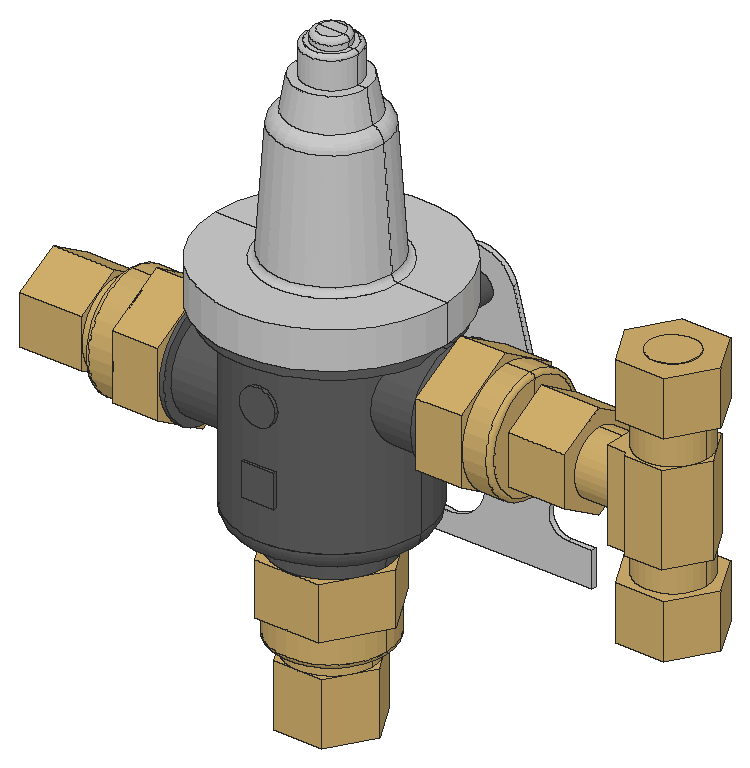
Revit family "Mixing_Valve-Sink_Faucet-Bradley_Corp-Navigator_TMV-S59-4000BY", category Pipe Accessories, Revit 2012
Parameters (values of type "Navigator")
  Warranty Information = "n/a"
  Version = "2.0"
  Valve Body Material = Plastic - Bradley Corp - Black
  URL = "http://www.bradleycorp.com/"
  Tempered Water Flow [instance] = 0.000 GPM
  Temperature Range = "95°F (35°C) to 125°F (52°C)"
  Temperature Differential - Hot to Mix = "10°F (18°C)"
  Technical Data = "n/a"
  Specifications URL = "http://www.bradleycorp.com/3partspec"
  Product Tech Data URL - Spanish = ""
  Product Tech Data URL - French = ""
  Product Tech Data URL - English = "http://bradleycorp.com/download/1902/5858.pdf"
  Pressure Drop [instance] = 45.00 psi
  OmniClass Title = "Mixing Valves for Liquid Services"
  OmniClass Code = "23.65.55.14.24"
  Fittings Material = Brass - Bradley Corp - Lead-Free Brass
  Cap Material = Plastic - Bradley Corp - Gray
  NPT Radius = NPT / 2  # 3/16"
  NPT = 3/8"
  Mounting Bracket [instance] = yes
  Modeling Code = "n/a"
  Model = "S59-4000BY"
  Minimum Flow = 0.500 GPM
  Maximum Operating Pressure = 125.00 psi
  Maximum Inlet Temperature = "180°F (82°C)"
  Material Note = "n/a"
  Material = "Lead-free Brass"
  MasterFormat Title = "Plumbing Fixtures"
  MasterFormat Number = "22 40 00"
  Manufacturer = "Bradley Corporation"
  Industry Standards = "ASSE 1070, cUPC. Certified by IAPMO to meet the lead-free requirements of CA AB 1953."
  Flow Capacity [instance] = 5.500 GPM
  Fire Rating = "n/a"
  Domestic Hot In [instance] = Tempered Water Flow / 2  # 0.000 GPM
  Domestic Cold In [instance] = Tempered Water Flow / 2  # 0.000 GPM
  Description = "Point of Use Thermostatic Mixing Valve"
  Copyright = "This Model Data is Property of Bradley Corporation"
  Connector Placement Base [instance] = 2.575"
  Connector Placement [instance] = 1.263"
  Complies to NAFTA = "n/a"
  Buy American Act = "To Be Determined"
  Assembly Code = "D2090800"
  ADA Compliant = "No"
Reference planes (in)
  plane 1 "Center (Front/Back)": y = 0
  plane 2: z = 0
  plane 3 "Center (Left/Right)": x = 0
  plane 4: x = -1.5
  plane 5: x = 1.5
  plane 6: z = -1.75
  plane 7 "HW Inlet": z = -0.375
  plane 8: z = 2.375
  plane 9: x = -0.9375
  plane 10: x = 0.9375
  plane 11: x = -2.25
  plane 12: x = 2.25
  plane 13: z = -2.625
  plane 14: y = 1
  plane 15: y = 1.5
  plane 16: x = 3.1242
  plane 17: x = 2.7642
  plane 18: z = -1.025
  plane 19: x = 2.7642
  plane 20: z = 0.592
Forms (in)
  Sweep 1, solid, material "Plastic - Bradley Corp - Black" <- "Valve Body Material", detail levels fine
    path origin (0, 0, 0) x (1, 0, 0) y (0, 0, 1)
      loop
        line (0.20522, 0) -> (1, 0)
    profile origin (0.60261, 0, 0) x (0, 0, 1) y (0, -1, 0)
      loop
        circle (0, 0) r 0.38
  Sweep 2, solid, material "Plastic - Bradley Corp - Black" <- "Valve Body Material", detail levels fine
    path origin (0, 0, 0) x (1, 0, 0) y (0, 0, 1)
      loop
        line (-1, -0.375) -> (-0.2, -0.375)
    profile origin (-0.6, 0, -0.375) x (0, 0, 1) y (0, -1, 0)
      loop
        circle (0, 0) r 0.38
  Revolve 3, solid, material "Metal - Bradley Corp - Stainless Steel", detail levels fine
    sketch origin (0, 0, 0) x (1, 0, 0) y (0, 0, 1)
      loop
        line (0, 0.42) -> (0, 2.375) -> (-0.1012, 2.375)
        arc (-0.1012, 2.375) -> (-0.13, 2.36307) -> (-0.14193, 2.33427) r 0.04073
        line (-0.14193, 2.33427) -> (-0.14193, 2.29505) -> (-0.18291, 2.29505)
        arc (-0.18291, 2.29505) -> (-0.20535, 2.28575) -> (-0.21464, 2.26331) r 0.03174
        line (-0.21464, 2.26331) -> (-0.21464, 2.04637) -> (-0.2863, 2.04637) -> (-0.33489, 1.79637)
        arc (-0.33489, 1.79637) -> (-0.39422, 1.7571) -> (-0.4203, 1.6909) r 0.11828
        line (-0.4203, 1.6909) -> (-0.48445, 0.77167)
        arc (-0.48445, 0.77167) -> (-0.4996, 0.73511) -> (-0.53616, 0.71996) r 0.05171
        line (-0.53616, 0.71996) -> (-0.9375, 0.71996) -> (-0.9375, 0.42) -> (0, 0.42)
      axis (0, 2.375) -> (0, 0.42)
    angle from 0 to 360
  Sweep 4, solid, material "Plastic - Bradley Corp - Black" <- "Valve Body Material", detail levels fine
    path origin (0, 0, 0) x (1, 0, 0) y (0, 0, 1)
      loop
        line (0, -1.25) -> (0, -0.5)
    profile origin (0, 0, -0.875) x (-1, 0, 0) y (0, -1, 0)
      loop
        circle (0, 0) r 0.38
  Revolve 5, solid, material "Plastic - Bradley Corp - Black" <- "Valve Body Material", detail levels fine
    sketch origin (0, 0, 0) x (1, 0, 0) y (0, 0, 1)
      loop
        line (0, 0.42) -> (-0.88965, 0.42) -> (-0.88965, 0.33) -> (-0.72242, 0.33) -> (-0.72242, -1.02953)
        arc (-0.72242, -1.02953) -> (-0.67841, -1.13579) -> (-0.57215, -1.1798) r 0.15028
        line (-0.57215, -1.1798) -> (0, -1.1798) -> (0, 0.42)
      axis (0, -1.1798) -> (0, 0.42)
    angle from 0 to 360
  SweptBlend 6, solid, material "Plastic - Bradley Corp - Black" <- "Valve Body Material", detail levels fine
    path origin (0, 0, 0) x (1, 0, 0) y (0, 0, 1)
      loop
        line (-1.5, -0.375) -> (-1, -0.375)
    profile origin (-1.5, 0, -0.375) x (0, 0, 1) y (0, -1, 0)
      loop
        circle (0, 0) r 0.42
    end profile origin (-1, 0, -0.375) x (0, 0, 1) y (0, -1, 0)
      loop
        circle (0, 0) r 0.45
  SweptBlend 7, solid, material "Plastic - Bradley Corp - Black" <- "Valve Body Material", detail levels fine
    path origin (0, 0, 0) x (1, 0, 0) y (0, 0, 1)
      loop
        line (1.5, 0) -> (1, 0)
    profile origin (1.5, 0, 0) x (0, 0, -1) y (0, -1, 0)
      loop
        circle (0, 0) r 0.42
    end profile origin (1, 0, 0) x (0, 0, -1) y (0, -1, 0)
      loop
        circle (0, 0) r 0.45
  SweptBlend 8, solid, material "Plastic - Bradley Corp - Black" <- "Valve Body Material", detail levels fine
    path origin (0, 0, 0) x (1, 0, 0) y (0, 0, 1)
      loop
        line (0, -1.75) -> (0, -1.25)
    profile origin (0, 0, -1.75) x (-1, 0, 0) y (0, -1, 0)
      loop
        circle (0, 0) r 0.42
    end profile origin (0, 0, -1.25) x (-1, 0, 0) y (0, -1, 0)
      loop
        circle (0, 0) r 0.45
  Extrusion 9, solid, material "Plastic - Bradley Corp - Gray" <- "Cap Material", detail levels fine
    sketch origin (-1.5, -180, 102.71882) x (0, 0, 1) y (0, -1, 0)
      loop
        line (-103.35363, -179.55) -> (-103.61344, -180) -> (-103.35363, -180.45) -> (-102.83402, -180.45) -> (-102.57421, -180) -> (-102.83402, -179.55) -> (-103.35363, -179.55)
    from 0.08808 to 0.45689
  Extrusion 10, solid, material "Plastic - Bradley Corp - Gray" <- "Cap Material", detail levels fine
    sketch origin (-2.25, -180, 3.67575) x (0, 0, 1) y (0, -1, 0)
      loop
        line (-4.2456, -179.6625) -> (-4.44046, -180) -> (-4.2456, -180.3375) -> (-3.85589, -180.3375) -> (-3.66103, -180) -> (-3.85589, -179.6625) -> (-4.2456, -179.6625)
    from 0 to 0.4964
  Extrusion 11, solid, material "Plastic - Bradley Corp - Gray" <- "Cap Material", detail levels fine
    sketch origin (-1.7536, -180, 3.67575) x (0, 0, 1) y (0, -1, 0)
      loop
        circle (-4.05075, -180) r 0.3375
    from 0 to 0.05915
  Extrusion 12, solid, material "Plastic - Bradley Corp - Gray" <- "Cap Material", detail levels fine
    sketch origin (-1.69445, -180, 3.67575) x (0, 0, 1) y (0, -1, 0)
      loop
        circle (-4.05075, -180) r 0.3
    from 0 to 0.05027
  Extrusion 13, solid, material "Plastic - Bradley Corp - Gray" <- "Cap Material", detail levels fine
    sketch origin (-1.64418, -180, 3.67575) x (0, 0, 1) y (0, -1, 0)
      loop
        circle (-4.05075, -180) r 0.45
    from 0.03622 to 0.23226
  Revolve 14, solid, material "Plastic - Bradley Corp - Gray" <- "Cap Material", detail levels fine
    sketch origin (0, 0, 0) x (1, 0, 0) y (0, 0, 1)
      loop
        line (-1.60796, -0.375) -> (-1.60796, 0.075)
        arc (-1.60796, 0.075) -> (-1.63357, 0.06439) -> (-1.64418, 0.03878) r 0.03622
        line (-1.64418, 0.03878) -> (-1.64418, -0.375) -> (-1.60796, -0.375)
      axis (-1.64418, -0.375) -> (-1.60481, -0.375)
    angle from 0 to 360
  Extrusion 15, solid, material "Plastic - Bradley Corp - Gray" <- "Cap Material", detail levels fine
    sketch origin (1.5, -180, 103.09382) x (0, 0, 1) y (0, 1, 0)
      loop
        line (-103.35363, 179.55) -> (-102.83402, 179.55) -> (-102.57421, 180) -> (-102.83402, 180.45) -> (-103.35363, 180.45) -> (-103.61344, 180) -> (-103.35363, 179.55)
    from 0.08808 to 0.45689
  Extrusion 16, solid, material "Plastic - Bradley Corp - Gray" <- "Cap Material", detail levels fine
    sketch origin (2.25, -180, 4.05075) x (0, 0, 1) y (0, 1, 0)
      loop
        line (-4.2456, 179.6625) -> (-3.85589, 179.6625) -> (-3.66103, 180) -> (-3.85589, 180.3375) -> (-4.2456, 180.3375) -> (-4.44046, 180) -> (-4.2456, 179.6625)
    from 0.0896 to 0.54527
  Extrusion 17, solid, material "Brass - Bradley Corp - Lead-Free Brass" <- "Fittings Material", detail levels fine
    sketch origin (1.70473, -180, 4.05075) x (0, 0, 1) y (0, 1, 0)
      loop
        circle (-4.05075, 180) r 0.25
    from -0.88962 to -0.4068
  Extrusion 18, solid, material "Plastic - Bradley Corp - Gray" <- "Cap Material", detail levels fine
    sketch origin (2.11152, -180, 4.05075) x (0, 0, 1) y (0, 1, 0)
      loop
        circle (-4.05075, 180) r 0.2125
    from 0.4068 to 0.51662
  Extrusion 19, solid, material "Plastic - Bradley Corp - Gray" <- "Cap Material", detail levels fine
    sketch origin (1.59491, -180, 4.05075) x (0, 0, 1) y (0, 1, 0)
      loop
        circle (-4.05075, 180) r 0.45
    from -0.01305 to 0.18299
  Revolve 20, solid, material "Plastic - Bradley Corp - Gray" <- "Cap Material", detail levels fine
    sketch origin (0, 0, 0.375) x (-1, 0, 0) y (0, 0, -1)
      loop
        line (-1.60796, 0.375) -> (-1.64418, 0.375) -> (-1.64418, -0.03878)
        arc (-1.64418, -0.03878) -> (-1.63357, -0.06439) -> (-1.60796, -0.075) r 0.03622
        line (-1.60796, -0.075) -> (-1.60796, 0.375)
      axis (-1.64418, 0.375) -> (-1.60481, 0.375)
    angle from 0 to 360
  Extrusion 21, solid, material "Plastic - Bradley Corp - Gray" <- "Cap Material", detail levels fine
    sketch origin (-103.09382, -180, -1.875) x (-1, 0, 0) y (0, -1, 0)
      loop
        line (-103.35363, -179.55) -> (-103.61344, -180) -> (-103.35363, -180.45) -> (-102.83402, -180.45) -> (-102.57421, -180) -> (-102.83402, -179.55) -> (-103.35363, -179.55)
    from 0.08808 to 0.50958
  Extrusion 22, solid, material "Plastic - Bradley Corp - Gray" <- "Cap Material", detail levels fine
    sketch origin (-4.05075, -180, -2.625) x (-1, 0, 0) y (0, -1, 0)
      loop
        line (-4.2456, -179.6625) -> (-4.44046, -180) -> (-4.2456, -180.3375) -> (-3.85589, -180.3375) -> (-3.66103, -180) -> (-3.85589, -179.6625) -> (-4.2456, -179.6625)
    from 0 to 0.4964
  Extrusion 23, solid, material "Plastic - Bradley Corp - Gray" <- "Cap Material", detail levels fine
    sketch origin (-4.05075, -180, -2.1286) x (-1, 0, 0) y (0, -1, 0)
      loop
        circle (-4.05075, -180) r 0.3375
    from 0 to 0.05915
  Extrusion 24, solid, material "Plastic - Bradley Corp - Gray" <- "Cap Material", detail levels fine
    sketch origin (-4.05075, -180, -2.06945) x (-1, 0, 0) y (0, -1, 0)
      loop
        circle (-4.05075, -180) r 0.3
    from 0 to 0.05027
  Extrusion 25, solid, material "Plastic - Bradley Corp - Gray" <- "Cap Material", detail levels fine
    sketch origin (-4.05075, -180, -2.01918) x (-1, 0, 0) y (0, -1, 0)
      loop
        circle (-4.05075, -180) r 0.45
    from 0.03622 to 0.23226
  Revolve 26, solid, material "Plastic - Bradley Corp - Gray" <- "Cap Material", detail levels fine
    sketch origin (-0.375, 0, -0.375) x (0, 0, 1) y (-1, 0, 0)
      loop
        line (-1.60796, -0.375) -> (-1.60796, 0.075)
        arc (-1.60796, 0.075) -> (-1.63357, 0.06439) -> (-1.64418, 0.03878) r 0.03622
        line (-1.64418, 0.03878) -> (-1.64418, -0.375) -> (-1.60796, -0.375)
      axis (-1.64418, -0.375) -> (-1.60481, -0.375)
    angle from 0 to 360
  Extrusion 27, solid, material "Plastic - Bradley Corp - Gray" <- "Cap Material", detail levels fine
    sketch origin (-1.5, -180, 102.71882) x (0, 0, 1) y (0, -1, 0)
      loop
        circle (-103.09382, -180) r 0.1875
    from -0.7508 to -0.7005
  Extrusion 28, solid, material "Plastic - Bradley Corp - Gray" <- "Cap Material", detail levels fine
    sketch origin (1.5, -180, 102.71882) x (0, 0, 1) y (0, -1, 0)
      loop
        circle (-102.71882, -180) r 0.1875
    from 0.75074 to 0.7005
  Extrusion 29, solid, material "Plastic - Bradley Corp - Gray" <- "Cap Material", detail levels fine
    sketch origin (-2.67317, -180, -1.75) x (-1, 0, 0) y (0, -1, 0)
      loop
        circle (-2.67317, -180) r 0.1875
    from -0.87465 to -0.825
  Extrusion 30, solid, material "Metal - Bradley Corp - Stainless Steel", visible <- "Mounting Bracket", detail levels fine
    sketch origin (0, 1, 2.68464) x (0, 0, 1) y (1, 0, 0)
      loop
        line (-4.68464, -0.9375) -> (-3.86445, -0.9375) -> (-3.86445, 0.9375) -> (-4.10412, 0.9375) -> (-4.10412, 0.7437)
        arc (-4.10412, 0.7437) -> (-4.25441, 0.59342) -> (-4.40469, 0.7437) r 0.15029
        line (-4.40469, 0.7437) -> (-4.40469, 0.9375) -> (-4.68464, 0.9375) -> (-4.68464, -0.9375)
      loop
        line (-4.40469, -0.42246) -> (-4.40469, -0.67839)
        arc (-4.40469, -0.67839) -> (-4.25441, -0.82868) -> (-4.10412, -0.67839) r 0.15029
        line (-4.10412, -0.67839) -> (-4.10412, -0.42246)
        arc (-4.10412, -0.42246) -> (-4.25441, 0.07287) -> (-4.40469, -0.42246) r 0.27046
    from 0.46202 to 0.5
  Extrusion 31, solid, material "Metal - Bradley Corp - Stainless Steel", visible <- "Mounting Bracket", detail levels fine
    sketch origin (0, 1, 2.68464) x (0, 0, 1) y (1, 0, 0)
      loop
        line (-3.4782, -0.9375) -> (-3.36713, -0.9375) -> (-2.26464, 0.16498)
        arc (-2.26464, 0.16498) -> (-2.18195, 0.45024) -> (-2.37877, 0.67267) r 0.30791
        line (-2.37877, 0.67267) -> (-3.36713, 0.9375) -> (-3.4782, 0.9375) -> (-3.4782, -0.9375)
    from 0 to 0.0381
  Extrusion 32, solid, material "Metal - Bradley Corp - Stainless Steel", visible <- "Mounting Bracket", detail levels fine
    sketch origin (1.5, 180, 102.71882) x (0, 0, 1) y (0, -1, 0)
      loop
        line (-103.51238, 178.99988) -> (-103.89863, 178.53798) -> (-103.89863, 178.5) -> (-103.51238, 178.9619) -> (-103.51238, 178.99988)
    from -2.4375 to -0.5625
  Extrusion 33, solid, material "Plastic - Bradley Corp - Black" <- "Valve Body Material", detail levels fine
    sketch origin (0, 1, 2.68464) x (0, 0, 1) y (1, 0, 0)
      loop
        line (-2.60395, 0.38289) -> (-3.23778, -0.25093)
        arc (-3.23778, -0.25093) -> (-3.32388, -0.4588) -> (-3.11601, -0.3727) r 0.12176
        line (-3.11601, -0.3727) -> (-2.48219, 0.26113)
        arc (-2.48219, 0.26113) -> (-2.3964, 0.46868) -> (-2.60395, 0.38289) r 0.12158
    from -0.57556 to 0
  Revolve 34, solid, material "Metal - Bradley Corp - Stainless Steel", visible <- "Mounting Bracket", detail levels fine
    sketch origin (0.38253, 180, 102.71882) x (0, 0, 1) y (0, -1, 0)
      loop
        line (-102.51637, 178.9619) -> (-102.51637, 178.91833) -> (-102.43419, 178.91833)
        arc (-102.43419, 178.91833) -> (-102.40622, 178.93259) -> (-102.39496, 178.9619) r 0.0438
        line (-102.39496, 178.9619) -> (-102.51637, 178.9619)
      axis (-102.51637, 178.9619) -> (-102.51637, 178.91833)
    angle from 0 to 360
  Revolve 35, solid, material "Metal - Bradley Corp - Stainless Steel", visible <- "Mounting Bracket", detail levels fine
    sketch origin (-0.3727, 180, 101.96359) x (0, 0, 1) y (0, -1, 0)
      loop
        line (-102.51637, 178.9619) -> (-102.51637, 178.91833) -> (-102.43419, 178.91833)
        arc (-102.43419, 178.91833) -> (-102.40622, 178.93259) -> (-102.39496, 178.9619) r 0.0438
        line (-102.39496, 178.9619) -> (-102.51637, 178.9619)
      axis (-102.51637, 178.9619) -> (-102.51637, 178.91833)
    angle from 0 to 360
  Extrusion 36, solid, material "Plastic - Bradley Corp - Black" <- "Valve Body Material", detail levels fine
    sketch origin (0, 0, 0) x (1, 0, 0) y (0, 0, 1)
      loop
        circle (0, -0.03966) r 0.14385
      loop
        line (-0.12982, -0.47446) -> (-0.12982, -0.73425) -> (0.12998, -0.73425) -> (0.12998, -0.47446) -> (-0.12982, -0.47446)
    from 0.72707 to 0.74913
  Extrusion 37, solid, material "Plastic - Bradley Corp - Gray" <- "Cap Material", detail levels fine
    sketch origin (-2.67317, -180, -1.75) x (-1, 0, 0) y (0, -1, 0)
      loop
        line (-5.82687, -180) -> (-5.63212, -180.33732) -> (-5.24262, -180.33732) -> (-5.04787, -180) -> (-5.24262, -179.66268) -> (-5.63212, -179.66268) -> (-5.82687, -180)
    from 0.725 to 1.157
  Extrusion 38, solid, material "Plastic - Bradley Corp - Gray" <- "Cap Material", detail levels fine
    sketch origin (-2.67317, -180, -1.75) x (-1, 0, 0) y (0, -1, 0)
      loop
        line (-5.82687, -180) -> (-5.63212, -180.33732) -> (-5.24262, -180.33732) -> (-5.04787, -180) -> (-5.24262, -179.66268) -> (-5.63212, -179.66268) -> (-5.82687, -180)
    from 2.342 to 2.774
  Extrusion 39, solid, material "Plastic - Bradley Corp - Gray" <- "Cap Material", detail levels fine
    sketch origin (-2.67317, -180, -1.75) x (-1, 0, 0) y (0, -1, 0)
      loop
        line (-5.11642, -179.73756) -> (-5.26414, -179.73756) -> (-5.28908, -179.69435) -> (-5.58958, -179.69435) -> (-5.76605, -180) -> (-5.58958, -180.30565) -> (-5.28908, -180.30565) -> (-5.26414, -180.26244) -> (-5.11642, -180.26244) -> (-5.11642, -179.73756)
    from 1.36029 to 2.08
  Extrusion 40, solid, material "Brass - Bradley Corp - Lead-Free Brass" <- "Fittings Material", detail levels fine
    sketch origin (-2.67317, -180, -1.75) x (-1, 0, 0) y (0, -1, 0)
      loop
        circle (-5.43737, -180) r 0.2764
    from 1.157 to 2.342
  Extrusion 41, solid, material "Plastic - Bradley Corp - Gray" <- "Cap Material", detail levels fine
    sketch origin (-2.67317, -180, -1.75) x (-1, 0, 0) y (0, -1, 0)
      loop
        circle (-5.43737, -180) r 0.1875
    from 0.725 to 0.79817
  Extrusion 42, solid, material "Plastic - Bradley Corp - Gray" <- "Cap Material", detail levels fine
    sketch origin (-2.67317, -180, -1.75) x (-1, 0, 0) y (0, -1, 0)
      loop
        circle (-5.43737, -180) r 0.1875
    from 2.69848 to 2.774
Cuts and joins
  joined: Sweep 1, Sweep 2, Sweep 4, Revolve 5, Extrusion 36
  joined: Extrusion 13, Revolve 14
  joined: Extrusion 25, Revolve 26
  joined: Extrusion 19, Revolve 20
  joined: Extrusion 30, Extrusion 31, Extrusion 32, Revolve 34, Revolve 35
Lines and regions (in)
  Masking region 1, detail levels fine
    outline origin (-2.67317, -180, -1.75) x (-1, 0, 0) y (0, -1, 0)
      loop
        line (-3.61067, -181.5) -> (-1.73567, -181.5) -> (-1.73567, -181) -> (-2.17847, -181) -> (-2.17847, -180.79635)
        arc (-2.17847, -180.79635) -> (-1.96597, -180.61544) -> (-1.81614, -180.38) r 0.9375
        line (-1.81614, -180.38) -> (-1.67317, -180.38) -> (-1.67317, -180.45) -> (-1.06544, -180.45)
        arc (-1.06544, -180.45) -> (-1.03915, -180.43882) -> (-1.02899, -180.41213) r 0.03647
        line (-1.02899, -180.41213) -> (-1.02899, -180.3) -> (-0.97872, -180.3) -> (-0.97872, -180.3375) -> (-0.42317, -180.3375) -> (-0.42317, -179.6625) -> (-0.97872, -179.6625) -> (-0.97872, -179.7) -> (-1.02899, -179.7) -> (-1.02899, -179.58787)
        arc (-1.02899, -179.58787) -> (-1.03915, -179.56118) -> (-1.06544, -179.55) r 0.03647
        line (-1.06544, -179.55) -> (-1.67317, -179.55) -> (-1.67317, -179.62) -> (-1.81614, -179.62)
        arc (-1.81614, -179.62) -> (-2.67317, -179.0625) -> (-3.5302, -179.62) r 0.9375
        line (-3.5302, -179.62) -> (-3.67317, -179.62) -> (-3.67317, -179.55) -> (-4.2809, -179.55)
        arc (-4.2809, -179.55) -> (-4.30718, -179.56118) -> (-4.31735, -179.58787) r 0.03647
        line (-4.31735, -179.58787) -> (-4.31735, -179.7875) -> (-4.3779, -179.7875) -> (-4.3779, -179.6625) -> (-4.83357, -179.6625) -> (-4.83357, -179.75219) -> (-5.19094, -179.75219) -> (-5.24262, -179.66268) -> (-5.63212, -179.66268) -> (-5.82687, -180) -> (-5.63212, -180.33732) -> (-5.24262, -180.33732) -> (-5.19094, -180.24781) -> (-4.83357, -180.24781) -> (-4.83357, -180.3375) -> (-4.3779, -180.3375) -> (-4.3779, -180.2125) -> (-4.31735, -180.2125) -> (-4.31735, -180.41213)
        arc (-4.31735, -180.41213) -> (-4.30718, -180.43882) -> (-4.2809, -180.45) r 0.03647
        line (-4.2809, -180.45) -> (-3.67317, -180.45) -> (-3.67317, -180.38) -> (-3.5302, -180.38)
        arc (-3.5302, -180.38) -> (-3.38407, -180.61116) -> (-3.17745, -180.79032) r 0.9375
        line (-3.17745, -180.79032) -> (-3.17745, -181) -> (-3.61067, -181) -> (-3.61067, -181.5)
  Masking region 2, detail levels fine
    outline origin (0, 0, 0) x (1, 0, 0) y (0, 0, 1)
      loop
        arc (-0.18298, 2.29505) -> (-0.20537, 2.28578) -> (-0.21464, 2.26339) r 0.03166
        line (-0.21464, 2.26339) -> (-0.21464, 2.04637) -> (-0.2863, 2.04637) -> (-0.33489, 1.79637)
        arc (-0.33489, 1.79637) -> (-0.39411, 1.7573) -> (-0.42014, 1.69131) r 0.11777
        line (-0.42014, 1.69131) -> (-0.48445, 0.77167)
        arc (-0.48445, 0.77167) -> (-0.4996, 0.73511) -> (-0.53616, 0.71996) r 0.05171
        line (-0.53616, 0.71996) -> (-0.9375, 0.71996) -> (-0.9375, 0.42) -> (-0.88965, 0.42) -> (-0.88965, 0.33) -> (-0.72242, 0.33) -> (-0.72242, 0.005) -> (-1, 0.005) -> (-1, 0.075) -> (-1.04311, 0.075) -> (-1.04311, 0.14462) -> (-1.41192, 0.14462) -> (-1.41192, 0.075) -> (-1.60355, 0.075)
        arc (-1.60355, 0.075) -> (-1.632, 0.06587) -> (-1.64418, 0.0386) r 0.03662
        line (-1.64418, 0.0386) -> (-1.64418, -0.075) -> (-1.69445, -0.075) -> (-1.69445, -0.0375) -> (-1.7536, -0.0375) -> (-1.7536, 0.01471) -> (-2.25, 0.01471) -> (-2.25, -0.76471) -> (-1.7536, -0.76471) -> (-1.7536, -0.7125) -> (-1.69445, -0.7125) -> (-1.69445, -0.675) -> (-1.64418, -0.675) -> (-1.64418, -0.78636)
        arc (-1.64418, -0.78636) -> (-1.63286, -0.81368) -> (-1.60554, -0.825) r 0.03864
        line (-1.60554, -0.825) -> (-1.41192, -0.825) -> (-1.41192, -0.89462) -> (-1.04311, -0.89462) -> (-1.04311, -0.825) -> (-1, -0.825) -> (-1, -0.755) -> (-0.9375, -0.755) -> (-0.9375, -2) -> (-0.44535, -2)
        arc (-0.44535, -2) -> (-0.43221, -2.01401) -> (-0.41372, -2.01918) r 0.03566
        line (-0.41372, -2.01918) -> (-0.3, -2.01918) -> (-0.3, -2.06945) -> (-0.3375, -2.06945) -> (-0.3375, -2.1286) -> (-0.38971, -2.1286) -> (-0.38971, -2.625) -> (0.38971, -2.625) -> (0.38971, -2.1286) -> (0.3375, -2.1286) -> (0.3375, -2.06945) -> (0.3, -2.06945) -> (0.3, -2.01918) -> (0.41372, -2.01918)
        arc (0.41372, -2.01918) -> (0.43221, -2.01401) -> (0.44535, -2) r 0.03566
        line (0.44535, -2) -> (0.9375, -2) -> (0.9375, -1.72005) -> (0.7437, -1.72005)
        arc (0.7437, -1.72005) -> (0.59342, -1.56977) -> (0.7437, -1.41948) r 0.15029
        line (0.7437, -1.41948) -> (0.9375, -1.41948) -> (0.9375, -0.68248) -> (0.85645, -0.38) -> (1, -0.38) -> (1, -0.45) -> (1.04311, -0.45) -> (1.04311, -0.51962) -> (1.41192, -0.51962) -> (1.41192, -0.45) -> (1.60615, -0.45)
        arc (1.60615, -0.45) -> (1.63303, -0.43887) -> (1.64416, -0.41199) r 0.03801
        line (1.64416, -0.41199) -> (1.64416, -0.2125) -> (1.70473, -0.2125) -> (1.70473, -0.38971) -> (2.1604, -0.38971) -> (2.1604, -0.25003) -> (2.44325, -0.25003) -> (2.44325, -0.38971) -> (2.4878, -0.38971) -> (2.4878, -0.593) -> (2.3747, -0.593) -> (2.3747, -1.025) -> (3.1537, -1.025) -> (3.1537, -0.593) -> (3.04061, -0.593) -> (3.04061, -0.38971) -> (3.09288, -0.38971) -> (3.09288, 0.33) -> (3.04061, 0.33) -> (3.04061, 0.593) -> (3.1537, 0.593) -> (3.1537, 1.025) -> (2.3747, 1.025) -> (2.3747, 0.593) -> (2.4878, 0.593) -> (2.4878, 0.33) -> (2.44325, 0.33) -> (2.44325, 0.25003) -> (2.1604, 0.25003) -> (2.1604, 0.38971) -> (1.70473, 0.38971) -> (1.70473, 0.2125) -> (1.64416, 0.2125) -> (1.64416, 0.41199)
        arc (1.64416, 0.41199) -> (1.63303, 0.43887) -> (1.60615, 0.45) r 0.03801
        line (1.60615, 0.45) -> (1.41192, 0.45) -> (1.41192, 0.51962) -> (1.04311, 0.51962) -> (1.04311, 0.45) -> (1, 0.45) -> (1, 0.38) -> (0.88965, 0.38) -> (0.88965, 0.42) -> (0.9375, 0.42) -> (0.9375, 0.71996) -> (0.53616, 0.71996)
        arc (0.53616, 0.71996) -> (0.4996, 0.73511) -> (0.48445, 0.77167) r 0.05171
        line (0.48445, 0.77167) -> (0.42014, 1.69131)
        arc (0.42014, 1.69131) -> (0.39411, 1.7573) -> (0.33489, 1.79637) r 0.11777
        line (0.33489, 1.79637) -> (0.2863, 2.04637) -> (0.21464, 2.04637) -> (0.21464, 2.26339)
        arc (0.21464, 2.26339) -> (0.20537, 2.28578) -> (0.18298, 2.29505) r 0.03166
        line (0.18298, 2.29505) -> (0.14193, 2.29505) -> (0.14193, 2.33429)
        arc (0.14193, 2.33429) -> (0.13001, 2.36308) -> (0.10123, 2.375) r 0.04071
        line (0.10123, 2.375) -> (-0.10123, 2.375)
        arc (-0.10123, 2.375) -> (-0.13001, 2.36308) -> (-0.14193, 2.33429) r 0.04071
        line (-0.14193, 2.33429) -> (-0.14193, 2.29505) -> (-0.18298, 2.29505)
  Masking region 3, detail levels fine
    outline origin (0, 0, 0) x (0, 1, 0) y (0, 0, 1)
      loop
        arc (-0.10315, 2.375) -> (-0.13073, 2.36184) -> (-0.14194, 2.3334) r 0.0417
        line (-0.14194, 2.3334) -> (-0.14194, 2.29505) -> (-0.18291, 2.29505)
        arc (-0.18291, 2.29505) -> (-0.20604, 2.28507) -> (-0.21464, 2.26139) r 0.03179
        line (-0.21464, 2.26139) -> (-0.21464, 2.04637) -> (-0.2863, 2.04637) -> (-0.33489, 1.79637)
        arc (-0.33489, 1.79637) -> (-0.39402, 1.75803) -> (-0.42006, 1.69255) r 0.116
        line (-0.42006, 1.69255) -> (-0.48445, 0.77167)
        arc (-0.48445, 0.77167) -> (-0.4996, 0.73511) -> (-0.53616, 0.71996) r 0.05171
        line (-0.53616, 0.71996) -> (-0.9375, 0.71996) -> (-0.9375, 0.42) -> (-0.88965, 0.42) -> (-0.88965, 0.33) -> (-0.72242, 0.33) -> (-0.72242, -1.02712)
        arc (-0.72242, -1.02712) -> (-0.6777, -1.13508) -> (-0.56974, -1.1798) r 0.15268
        line (-0.56974, -1.1798) -> (-0.38, -1.1798) -> (-0.38, -1.25) -> (-0.45, -1.25) -> (-0.45, -1.98255)
        arc (-0.45, -1.98255) -> (-0.43927, -2.00845) -> (-0.41337, -2.01918) r 0.03663
        line (-0.41337, -2.01918) -> (-0.3, -2.01918) -> (-0.3, -2.06945) -> (-0.3375, -2.06945) -> (-0.3375, -2.625) -> (0.3375, -2.625) -> (0.3375, -2.06945) -> (0.3, -2.06945) -> (0.3, -2.01918) -> (0.41337, -2.01918)
        arc (0.41337, -2.01918) -> (0.43927, -2.00845) -> (0.45, -1.98255) r 0.03663
        line (0.45, -1.98255) -> (0.45, -1.25) -> (0.38, -1.25) -> (0.38, -1.1798) -> (0.56974, -1.1798)
        arc (0.56974, -1.1798) -> (0.6777, -1.13508) -> (0.72242, -1.02712) r 0.15268
        line (0.72242, -1.02712) -> (0.72242, -0.6749) -> (1.0381, -0.6749)
        arc (1.0381, -0.6749) -> (1.06891, -0.66214) -> (1.08167, -0.63134) r 0.04356
        line (1.08167, -0.63134) -> (1.08167, -0.47059)
        arc (1.08167, -0.47059) -> (1.06862, -0.44128) -> (1.0381, -0.43137) r 0.03944
        line (1.0381, -0.43137) -> (1.0381, 0.08105)
        arc (1.0381, 0.08105) -> (1.06862, 0.09096) -> (1.08167, 0.12027) r 0.03944
        line (1.08167, 0.12027) -> (1.08167, 0.28463)
        arc (1.08167, 0.28463) -> (1.06862, 0.31394) -> (1.0381, 0.32386) r 0.03944
        line (1.0381, 0.32386) -> (0.88965, 0.32386) -> (0.88965, 0.42) -> (0.9375, 0.42) -> (0.9375, 0.71996) -> (0.53616, 0.71996)
        arc (0.53616, 0.71996) -> (0.4996, 0.73511) -> (0.48445, 0.77167) r 0.05171
        line (0.48445, 0.77167) -> (0.42006, 1.69255)
        arc (0.42006, 1.69255) -> (0.39402, 1.75803) -> (0.33489, 1.79637) r 0.116
        line (0.33489, 1.79637) -> (0.2863, 2.04637) -> (0.21464, 2.04637) -> (0.21464, 2.26139)
        arc (0.21464, 2.26139) -> (0.20604, 2.28507) -> (0.18291, 2.29505) r 0.03179
        line (0.18291, 2.29505) -> (0.14194, 2.29505) -> (0.14194, 2.3334)
        arc (0.14194, 2.3334) -> (0.13073, 2.36184) -> (0.10315, 2.375) r 0.0417
        line (0.10315, 2.375) -> (-0.10315, 2.375)
  model lines, detail levels coarse+medium
    curve 1: line (-0.902, 0, -0.5) -> (-0.902, 0, 0.5)
    curve 2: line (0.902, 0, -0.5) -> (0.902, 0, 0.5)
    curve 3: line (-0.902, 0, 0.5) -> (0.902, 0, -0.5)
    curve 4: line (0.902, 0, 0.5) -> (-0.902, 0, -0.5)
    curve 5: line (0, 0, 0.66) -> (0, 0, -0.66)
    curve 6: line (-0.762, 0, 0.66) -> (0.762, 0, 0.66)
    curve 7: arc (-0.762, 0, 0.66) -> (0, 0, 1.186) -> (0.762, 0, 0.66) r 0.81494
    curve 8: line (0.117, 0, -0.66) -> (-0.117, 0, -0.66)
    curve 9: line (-0.117, 0, -0.66) -> (0, 0, -0.99979)
    curve 10: line (0.117, 0, -0.66) -> (0, 0, -0.99979)
    curve 11: line (-0.902, 0, 0) -> (-1.19021, 0, 0)
    curve 12: line (-1.19021, 0, 0) -> (-1.19021, 0, -0.375)
    curve 13: line (-1.19021, 0, -0.375) -> (-2.2508, 0, -0.375)
    curve 14: line (-2.2508, 0, -0.625) -> (-2.2508, 0, -0.125)
    curve 15: line (0.902, 0, 0) -> (2.7642, 0, 0)
    curve 16: line (0, 0, -0.99979) -> (0, 0, -2.62465)
    curve 17: line (0.25, 0, -2.62465) -> (-0.25, 0, -2.62465)
    curve 28: line (2.7642, 0, -1.025) -> (2.7642, 0, 1.024)
    curve 29: line (2.5142, 0, 1.024) -> (3.0142, 0, 1.024)
    curve 30: line (2.5142, 0, -1.025) -> (3.0142, 0, -1.025)
  symbolic lines, detail levels coarse+medium
    curve 18: line (0, 0.902, -0.875) -> (0, 0.902, 0.125)
    curve 19: line (0, -0.902, -0.875) -> (0, -0.902, 0.125)
    curve 20: line (0, 0.902, -0.875) -> (0, -0.902, 0.125)
    curve 21: line (0, -0.902, -0.875) -> (0, 0.902, 0.125)
    curve 22: line (0, 0, 0.285) -> (0, 0, -1.035)
    curve 23: line (0, 0.762, 0.285) -> (0, -0.762, 0.285)
    curve 24: arc (0, 0.762, 0.285) -> (0, 0, 0.847) -> (0, -0.762, 0.285) r 0.79759
    curve 25: line (0, -0.117, -1.035) -> (0, 0.117, -1.035)
    curve 26: line (0, 0.117, -1.035) -> (0, 0, -1.369)
    curve 27: line (0, -0.117, -1.035) -> (0, 0, -1.369)
  symbolic lines, detail levels fine
    curve 31: line (0.9375, 1.0381, -1.75) -> (-0.9375, 1.0381, -1.75)
    curve 32: line (-0.45488, 1.08167, -1.75) -> (-0.3727, 1.08167, -1.75)
    curve 33: line (-0.3727, 1.08167, -1.75) -> (-0.29051, 1.08167, -1.75)
    curve 34: arc (-0.45488, 1.08167, -1.75) -> (-0.48419, 1.06862, -1.75) -> (-0.4941, 1.0381, -1.75) r 0.03944
    curve 35: arc (-0.29051, 1.08167, -1.75) -> (-0.26121, 1.06862, -1.75) -> (-0.25129, 1.0381, -1.75) r 0.03944
    curve 36: line (0.46465, 1.08167, -1.75) -> (0.38246, 1.08167, -1.75)
    curve 37: line (0.38246, 1.08167, -1.75) -> (0.30028, 1.08167, -1.75)
    curve 38: arc (0.46465, 1.08167, -1.75) -> (0.49395, 1.06862, -1.75) -> (0.50387, 1.0381, -1.75) r 0.03944
    curve 39: arc (0.30028, 1.08167, -1.75) -> (0.27097, 1.06862, -1.75) -> (0.26106, 1.0381, -1.75) r 0.03944
    curve 40: line (-0.3727, 1, -1.75) -> (-0.3727, 0.86023, -1.75)
    curve 41: line (0.26113, 1, -1.75) -> (0.26113, 0.9004, -1.75)
    curve 42: line (-1.7536, 0.3375, -1.75) -> (-1.7536, -0.3375, -1.75)
    curve 43: line (-1.69445, 0.3, -1.75) -> (-1.69445, -0.3, -1.75)
    curve 44: line (-1.64418, -0.3, -1.75) -> (-1.64418, 0.3, -1.75)
    curve 45: line (-1.41192, 0.45, -1.75) -> (-1.41192, -0.45, -1.75)
    curve 46: line (-1.04311, -0.45, -1.75) -> (-1.04311, 0.45, -1.75)
    curve 47: line (-1, -0.38, -1.75) -> (-1, 0.38, -1.75)
    curve 48: arc (2.9517, 0, -1.75) -> (2.7642, 0.1875, -1.75) -> (2.5767, 0, -1.75) r 0.1875
    curve 49: arc (2.5767, 0, -1.75) -> (2.7642, -0.1875, -1.75) -> (2.9517, 0, -1.75) r 0.1875
    curve 50: line (2.56945, 0.33732, -1.75) -> (2.3747, 0, -1.75)
    curve 51: line (2.3747, 0, -1.75) -> (2.56945, -0.33732, -1.75)
    curve 52: line (2.44325, -0.11872, -1.75) -> (2.44325, -0.26244, -1.75)
    curve 53: line (2.44325, 0.26244, -1.75) -> (2.44325, 0.11872, -1.75)
    curve 54: line (2.1604, -0.24781, -1.75) -> (2.1604, 0.25219, -1.75)
    curve 55: line (1.70473, -0.2125, -1.75) -> (1.70473, 0.2125, -1.75)
    curve 56: line (1.41192, -0.45, -1.75) -> (1.41192, 0.45, -1.75)
    curve 57: line (1.04311, 0.45, -1.75) -> (1.04311, -0.45, -1.75)
    curve 58: line (1, -0.38, -1.75) -> (1, 0.38, -1.75)
    curve 59: arc (0.85703, 0.38, -1.75) -> (0.9375, -0.00034, -1.75) -> (0.85676, -0.38062, -1.75) r 0.9375
    curve 60: arc (-0.85651, -0.38119, -1.75) -> (-0.9375, -0.00065, -1.75) -> (-0.85703, 0.38, -1.75) r 0.9375
    curve 61: arc (-0.48445, 0, -1.75) -> (0, -0.48445, -1.75) -> (0.48445, 0, -1.75) r 0.48445
    curve 62: arc (-0.33489, 0, -1.75) -> (0, -0.33489, -1.75) -> (0.33489, 0, -1.75) r 0.33489
    curve 63: arc (-0.2863, 0, -1.75) -> (0, -0.2863, -1.75) -> (0.2863, 0, -1.75) r 0.2863
    curve 64: arc (0.21464, 0, -1.75) -> (0, -0.21464, -1.75) -> (-0.21464, 0, -1.75) r 0.21464
    curve 65: arc (0.14193, 0, -1.75) -> (0, -0.14193, -1.75) -> (-0.14193, 0, -1.75) r 0.14193
    curve 66: arc (-0.14193, 0, -1.75) -> (0, 0.14193, -1.75) -> (0.14193, 0, -1.75) r 0.14193
    curve 67: arc (-0.21464, 0, -1.75) -> (0, 0.21464, -1.75) -> (0.21464, 0, -1.75) r 0.21464
    curve 68: arc (0.2863, 0, -1.75) -> (0, 0.2863, -1.75) -> (-0.2863, 0, -1.75) r 0.2863
    curve 69: arc (0.3375, 0, -1.75) -> (0, 0.3375, -1.75) -> (-0.3375, 0, -1.75) r 0.3375
    curve 70: arc (0.48445, 0, -1.75) -> (0, 0.48445, -1.75) -> (-0.48445, 0, -1.75) r 0.48445
    curve 71: arc (-0.51666, 0.78228, -1.75) -> (-0.00352, 0.93749, -1.75) -> (0.51077, 0.78614, -1.75) r 0.9375
    curve 72: line (1.64418, 0.2125, -1.75) -> (1.64418, -0.2125, -1.75)
    curve 73: line (-0.4947, 1, -1.75) -> (0.5043, 1, -1.75)
    curve 74: line (-0.14193, 0, 2.29505) -> (0.14193, 0, 2.29505)
    curve 75: line (-0.21464, 0, 2.04637) -> (0.21464, 0, 2.04637)
    curve 76: line (-0.33489, 0, 1.79637) -> (0.33489, 0, 1.79637)
    curve 77: line (0.48445, 0, 0.77167) -> (-0.48445, 0, 0.77167)
    curve 78: line (-0.53634, 0, 0.71996) -> (0.53516, 0, 0.71996)
    curve 79: line (-0.88965, 0, 0.42) -> (0.88965, 0, 0.42)
    curve 80: line (-0.72242, 0, 0.33) -> (0.86947, 0, 0.33)
    curve 81: line (0.86947, 0, 0.33) -> (0.88966, 0, 0.38002)
    curve 82: line (-2.2508, 0, -0.18014) -> (-1.7536, 0, -0.18014)
    curve 83: line (-2.2508, 0, -0.56986) -> (-1.7536, 0, -0.56986)
    curve 84: line (-1.7536, 0, -0.0375) -> (-1.7536, 0, -0.7125)
    curve 85: line (-1.69445, 0, -0.075) -> (-1.69445, 0, -0.675)
    curve 86: line (-1.64418, 0, -0.675) -> (-1.64418, 0, -0.075)
    curve 87: line (-1.41192, 0, -0.825) -> (-1.41192, 0, 0.075)
    curve 88: line (-1.04311, 0, 0.075) -> (-1.04311, 0, -0.825)
    curve 89: line (-1, 0, -0.755) -> (-1, 0, 0)
    curve 90: line (-0.72242, 0, 0.005) -> (-0.72242, 0, -0.755)
    curve 91: arc (0.14385, 0, -0.03966) -> (0, 0, 0.10418) -> (-0.14385, 0, -0.03966) r 0.14385
    curve 92: arc (-0.14385, 0, -0.03966) -> (0, 0, -0.18351) -> (0.14385, 0, -0.03966) r 0.14385
    curve 93: line (0.12998, 0, -0.47446) -> (-0.12982, 0, -0.47446)
    curve 94: line (-0.12982, 0, -0.47446) -> (-0.12982, 0, -0.73425)
    curve 95: line (-0.12982, 0, -0.73425) -> (0.12998, 0, -0.73425)
    curve 96: line (0.12998, 0, -0.73425) -> (0.12998, 0, -0.47446)
    curve 97: line (0.69742, 0, 0.33) -> (0.72242, 0, -0.38)
    curve 98: line (2.56945, 0, 0.592) -> (2.56945, 0, 1.024)
    curve 99: line (2.95895, 0, 0.592) -> (2.95895, 0, 1.024)
    curve 100: line (3.04061, 0, 0.592) -> (2.4878, 0, 0.592)
    curve 101: line (2.4878, 0, 0.33) -> (3.04061, 0, 0.33)
    curve 102: line (2.59097, 0, -0.38971) -> (2.59097, 0, 0.33)
    curve 103: line (2.61592, 0, -0.38971) -> (2.61592, 0, 0.33)
    curve 104: line (2.91641, 0, -0.38971) -> (2.91641, 0, 0.33)
    curve 105: line (2.4878, 0, -0.38971) -> (3.04061, 0, -0.38971)
    curve 106: line (2.4878, 0, -0.593) -> (3.04061, 0, -0.593)
    curve 107: line (2.56945, 0, -1.025) -> (2.56945, 0, -0.593)
    curve 108: line (2.95895, 0, -1.025) -> (2.95895, 0, -0.593)
    curve 109: line (2.1604, 0, 0.25601) -> (2.1604, 0, -0.24399)
    curve 110: line (1.70473, 0, -0.19486) -> (2.1604, 0, -0.19486)
    curve 111: line (1.70473, 0, 0.19486) -> (2.1604, 0, 0.19486)
    curve 112: line (1.70473, 0, -0.2125) -> (1.70473, 0, 0.2125)
    curve 113: line (1.41192, 0, 0.45) -> (1.41192, 0, -0.45)
    curve 114: line (1.04311, 0, -0.45) -> (1.04311, 0, 0.45)
    curve 115: line (1, 0, 0.38) -> (1, 0, -0.38)
    curve 116: line (0.9375, 0, -0.79355) -> (0.72242, 0, -0.79355)
    curve 117: line (0.9375, 0, -1.1798) -> (-0.9375, 0, -1.1798)
    curve 118: line (-0.9375, 0, -0.79355) -> (-0.72242, 0, -0.79355)
    curve 119: line (-0.72242, 0, 0.005) -> (-0.72242, 0, 0.33)
    curve 120: line (0.72242, 0, -0.38) -> (0.72242, 0, -1.02939)
    curve 121: arc (0.72242, 0, -1.02939) -> (0.67837, 0, -1.13575) -> (0.57201, 0, -1.1798) r 0.15041
    curve 122: arc (-0.72242, 0, -1.02939) -> (-0.67837, 0, -1.13575) -> (-0.57201, 0, -1.1798) r 0.15041
    curve 123: line (-0.72242, 0, -1.02939) -> (-0.72242, 0, -0.755)
    curve 124: line (0.45, 0, -1.25) -> (-0.45, 0, -1.25)
    curve 125: line (0.51962, 0, -1.36542) -> (-0.51962, 0, -1.36542)
    curve 126: line (-0.51962, 0, -1.78692) -> (0.51962, 0, -1.78692)
    curve 127: line (-0.67839, 0, -1.41948) -> (-0.51962, 0, -1.41948)
    curve 128: arc (-0.67839, 0, -1.41948) -> (-0.82868, 0, -1.56977) -> (-0.67839, 0, -1.72005) r 0.15029
    curve 129: line (-0.51962, 0, -1.72005) -> (-0.67839, 0, -1.72005)
    curve 130: line (-0.51962, 0, -1.78692) -> (-0.51962, 0, -1.36542)
    curve 131: line (-0.25981, 0, -1.78692) -> (-0.25981, 0, -1.36542)
    curve 132: line (0.25981, 0, -1.78692) -> (0.25981, 0, -1.36542)
    curve 133: line (0.51962, 0, -1.36542) -> (0.51962, 0, -1.78692)
    curve 134: line (-0.38, 0, -1.1798) -> (-0.38, 0, -1.25)
    curve 135: line (0.38, 0, -1.1798) -> (0.38, 0, -1.25)
    curve 136: line (-0.45, 0, -1.25) -> (-0.45, 0, -1.36542)
    curve 137: line (0.45, 0, -1.25) -> (0.45, 0, -1.36542)
    curve 138: line (-0.45, 0, -1.78692) -> (-0.45, 0, -2)
    curve 139: line (0.45, 0, -1.78692) -> (0.45, 0, -2)
    curve 140: line (0.3, 0, -2.01918) -> (-0.3, 0, -2.01918)
    curve 141: line (-0.3, 0, -2.06945) -> (0.3, 0, -2.06945)
    curve 142: line (-0.3375, 0, -2.1286) -> (0.3375, 0, -2.1286)
    curve 143: line (-0.19486, 0, -2.625) -> (-0.19486, 0, -2.1286)
    curve 144: line (0.19486, 0, -2.625) -> (0.19486, 0, -2.1286)
    curve 145: line (0.85645, 0, -0.38) -> (0.72242, 0, -0.38)
    curve 146: line (0, -0.18291, 2.29505) -> (0, 0.14193, 2.29505)
    curve 147: line (0, -0.21464, 2.04637) -> (0, 0.21464, 2.04637)
    curve 148: line (0, -0.33489, 1.79637) -> (0, 0.33489, 1.79637)
    curve 149: line (0, -0.33732, 1.024) -> (0, 0.33732, 1.024)
    curve 150: line (0, -0.33732, 0.592) -> (0, -0.33732, 1.024)
    curve 151: line (0, 0.33732, 0.592) -> (0, -0.33732, 0.592)
    curve 152: line (0, 0.33732, 1.024) -> (0, 0.33732, 0.592)
    curve 153: line (0, 0.33732, 0.71996) -> (0, 0.54408, 0.71996)
    curve 154: line (0, -0.53741, 0.71996) -> (0, -0.33732, 0.71996)
    curve 155: line (0, -0.48445, 0.77167) -> (0, -0.33732, 0.77167)
    curve 156: line (0, 0.48445, 0.77167) -> (0, 0.33732, 0.77167)
    curve 157: line (0, -0.88965, 0.42) -> (0, -0.27672, 0.42)
    curve 158: line (0, -0.72242, 0.33) -> (0, -0.32842, 0.33)
    curve 159: line (0, 0.88965, 0.42) -> (0, 0.2762, 0.42)
    curve 160: line (0, 0.32842, 0.33) -> (0, 0.88965, 0.33)
    curve 161: line (0, 0.2762, 0.592) -> (0, 0.2762, 0.33)
    curve 162: line (0, -0.27672, 0.592) -> (0, -0.27672, 0.33)
    curve 163: line (0, -0.27672, 0.35985) -> (0, -0.45, 0.25981)
    curve 164: line (0, -0.45, 0.25981) -> (0, -0.45, -0.25981)
    curve 165: line (0, -0.45, -0.25981) -> (0, -0.30565, -0.34315)
    curve 166: line (0, 0.30565, -0.34315) -> (0, 0.45, -0.25981)
    curve 167: line (0, 0.45, -0.25981) -> (0, 0.45, 0.25981)
    curve 168: line (0, 0.45, 0.25981) -> (0, 0.2762, 0.36015)
    curve 169: arc (0, 0.2762, 0.35526) -> (0, 0.44959, 0.01931) -> (0, 0.30565, -0.33027) r 0.45
    curve 170: line (0, 0.3375, -0.19486) -> (0, 0.3375, 0.19486)
    curve 171: line (0, 0.3375, 0.19486) -> (0, 0.30565, 0.21324)
    curve 172: line (0, 0.30565, -0.21324) -> (0, 0.3375, -0.19486)
    curve 173: line (0, 0.30565, -0.38971) -> (0, 0.30565, 0.33)
    curve 174: line (0, 0.30565, 0.33) -> (0, -0.30565, 0.33)
    curve 175: line (0, -0.30565, -0.38971) -> (0, 0.30565, -0.38971)
    curve 176: line (0, -0.30565, 0.33) -> (0, -0.30565, -0.38971)
    curve 177: arc (0, -0.30565, -0.33027) -> (0, -0.4496, 0.01898) -> (0, -0.27672, 0.35486) r 0.45
    curve 178: line (0, -0.3375, 0.19486) -> (0, -0.3375, -0.19486)
    curve 179: line (0, -0.30565, 0.21324) -> (0, -0.3375, 0.19486)
    curve 180: line (0, -0.3375, -0.19486) -> (0, -0.30565, -0.21324)
    curve 181: line (0, -0.2764, -0.593) -> (0, -0.2764, -0.38971)
    curve 182: line (0, 0.2764, -0.593) -> (0, 0.2764, -0.38971)
    curve 183: line (0, -0.33732, -0.593) -> (0, 0.33732, -0.593)
    curve 184: line (0, -0.33732, -1.025) -> (0, -0.33732, -0.593)
    curve 185: line (0, 0.33732, -1.025) -> (0, -0.33732, -1.025)
    curve 186: line (0, 0.33732, -0.593) -> (0, 0.33732, -1.025)
    curve 187: line (0, 0.7224, -0.67529) -> (0, 0.7224, -0.27815)
    curve 188: line (0, 1, -0.55313) -> (0, 0.7224, -0.55313)
    curve 189: line (0, 1.0381, -0.79355) -> (0, 1.0381, 0.51019)
    curve 190: line (0, 1.5, -1.1798) -> (0, 1.0381, -0.79355)
    curve 191: line (0, 1.5, -2) -> (0, 1.5, -1.1798)
    curve 192: line (0, -0.38, -1.1798) -> (0, 0.38, -1.1798)
    curve 193: line (0, -0.38, -1.25) -> (0, 0.38, -1.25)
    curve 194: line (0, 0.45, -1.36542) -> (0, -0.45, -1.36542)
    curve 195: line (0, 0.45, -1.78692) -> (0, -0.45, -1.78692)
    curve 196: line (0, 0.3, -2.01918) -> (0, -0.3, -2.01918)
    curve 197: line (0, -0.3, -2.06945) -> (0, 0.3, -2.06945)
    curve 198: line (0, 0.3375, -2.1286) -> (0, -0.3375, -2.1286)
Dimensions and locks (in)
  locked: plane 3 "Center (Left/Right)" to plane 4 at 1.5
  locked: plane 5 to plane 3 "Center (Left/Right)" at 1.5
  locked: plane 2 to plane 6 at 1.75
  locked: plane 7 "HW Inlet" to plane 6 at 1.375
  locked: plane 8 to plane 6 at 4.125
  equal spacing: plane 9, plane 3 "Center (Left/Right)", plane 10
  plane 9 to plane 10 = 1.875"
  locked: SweptBlend 6 sketch curve to SweptBlend 6 sketch curve at 0.5
  locked: SweptBlend 7 sketch curve to SweptBlend 7 sketch curve at 0.5
  equal spacing: plane 12, plane 3 "Center (Left/Right)", plane 11
  locked: plane 3 "Center (Left/Right)" to plane 11 at 2.25
  locked: plane 12 to plane 3 "Center (Left/Right)" at 2.25
  locked: plane 7 "HW Inlet" to plane 13 at 2.25
  locked: Extrusion 27 to Extrusion 27 at 0.0503
  "Connector Placement": Extrusion 27 to plane 9
  locked: Extrusion 28 to Extrusion 28 at 0.05024
  "Connector Placement": Extrusion 28 to plane 10
  locked: Extrusion 29 to Extrusion 29 at 0.04965
  "Connector Placement Base": plane 2 to Extrusion 29
  locked: plane 14 to plane 1 "Center (Front/Back)" at 1
  locked: plane 15 to plane 1 "Center (Front/Back)" at 1.5
  plane 18 to plane 13 = 1.600"
  plane 20 to plane 2 = 0.592"
  radius of Sweep 1 sketch curve = 0.380"
  radius of Sweep 2 sketch curve = 0.380"
  radius of Sweep 4 sketch curve = 0.380"
  radius of SweptBlend 6 sketch curve = 0.420"
  "NPT Radius": radius of Extrusion 27 sketch curve
  "NPT Radius": radius of Extrusion 28 sketch curve
  "NPT Radius": radius of Extrusion 29 sketch curve
  radius of Extrusion 19 sketch curve = 0.450"
  "NPT Radius": radius of Extrusion 41 sketch curve
  "NPT Radius": radius of Extrusion 42 sketch curve
  aligned and locked: Sweep 1 sketch curve to plane 2
  aligned and locked: plane 1 "Center (Front/Back)" to Sweep 1 sketch curve
  aligned and locked: plane 2 to Sweep 1 sketch curve
  aligned and locked: Sweep 2 sketch curve to plane 7 "HW Inlet"
  aligned and locked: plane 1 "Center (Front/Back)" to Sweep 2 sketch curve
  aligned and locked: plane 7 "HW Inlet" to Sweep 2 sketch curve
  aligned and locked: Revolve 3 sketch curve to plane 3 "Center (Left/Right)"
  aligned and locked: plane 3 "Center (Left/Right)" to Sweep 4 sketch curve  (x2)
  aligned and locked: plane 1 "Center (Front/Back)" to Sweep 4 sketch curve
  aligned and locked: plane 3 "Center (Left/Right)" to Revolve 5 sketch curve
  aligned and locked: SweptBlend 6 sketch curve to plane 7 "HW Inlet"
  aligned and locked: plane 4 to SweptBlend 6 sketch curve
  aligned and locked: plane 7 "HW Inlet" to SweptBlend 6 sketch curve  (x2)
  aligned and locked: plane 1 "Center (Front/Back)" to SweptBlend 6 sketch curve  (x2)
  aligned and locked: SweptBlend 6 to Sweep 2 sketch curve
  aligned and locked: plane 2 to SweptBlend 7 sketch curve  (x3)
  aligned and locked: plane 5 to SweptBlend 7 sketch curve
  aligned and locked: plane 1 "Center (Front/Back)" to SweptBlend 7 sketch curve  (x2)
  aligned and locked: SweptBlend 7 to Sweep 1 sketch curve
  aligned and locked: plane 6 to SweptBlend 8 sketch curve
  aligned and locked: plane 3 "Center (Left/Right)" to SweptBlend 8 sketch curve  (x3)
  aligned and locked: plane 1 "Center (Front/Back)" to SweptBlend 8 sketch curve  (x2)
  aligned and locked: SweptBlend 8 to Sweep 4 sketch curve
  aligned and locked: plane 7 "HW Inlet" to Extrusion 11 sketch curve
  aligned and locked: plane 1 "Center (Front/Back)" to Extrusion 11 sketch curve
  aligned and locked: plane 1 "Center (Front/Back)" to Extrusion 12 sketch curve
  aligned and locked: plane 7 "HW Inlet" to Extrusion 12 sketch curve
  aligned and locked: plane 7 "HW Inlet" to Extrusion 13 sketch curve
  aligned and locked: plane 1 "Center (Front/Back)" to Extrusion 13 sketch curve
  aligned and locked: Revolve 14 sketch curve to plane 7 "HW Inlet"
  aligned and locked: plane 7 "HW Inlet" to Extrusion 27 sketch curve
  aligned and locked: plane 1 "Center (Front/Back)" to Extrusion 27 sketch curve
  aligned and locked: plane 2 to Extrusion 28 sketch curve
  aligned and locked: plane 1 "Center (Front/Back)" to Extrusion 28 sketch curve
  aligned and locked: plane 3 "Center (Left/Right)" to Extrusion 29 sketch curve
  aligned and locked: plane 1 "Center (Front/Back)" to Extrusion 29 sketch curve
  aligned and locked: Extrusion 27 to curve 13
  aligned and locked: curve 14 to Extrusion 27
  aligned and locked: Extrusion 29 to curve 16
  aligned and locked: curve 17 to Extrusion 29
  aligned: Extrusion 38 to Extrusion 42
  aligned and locked: Masking region 1 sketch curve to cut or joined group of Extrusion 30, Extrusion 31, Extrusion 32, Revolve 34, Revolve 35  (x4)
  aligned and locked: Masking region 1 sketch curve to Revolve 3  (x3)
  aligned and locked: cut or joined group of Sweep 1, Sweep 2, Sweep 4, Revolve 5, Extrusion 36 to Masking region 1 sketch curve
  aligned and locked: Masking region 1 sketch curve to curve 47
  aligned and locked: Masking region 1 sketch curve to Extrusion 10  (x3)
  aligned and locked: Masking region 1 sketch curve to Extrusion 18
  aligned and locked: curve 55 to Masking region 1 sketch curve
  aligned and locked: Masking region 1 sketch curve to Extrusion 38  (x2)
  aligned and locked: Extrusion 38 to Masking region 1 sketch curve
  aligned and locked: Masking region 2 sketch curve to Revolve 3  (x5)
  aligned and locked: Masking region 2 sketch curve to plane 8
  aligned and locked: Revolve 3 to Masking region 2 sketch curve
  aligned and locked: Masking region 2 sketch curve to cut or joined group of Sweep 1, Sweep 2, Sweep 4, Revolve 5, Extrusion 36  (x2)
  aligned and locked: Masking region 2 sketch curve to Extrusion 10  (x3)
  aligned and locked: Masking region 2 sketch curve to Extrusion 22  (x3)
  aligned and locked: Masking region 2 sketch curve to cut or joined group of Extrusion 30, Extrusion 31, Extrusion 32, Revolve 34, Revolve 35  (x5)
  aligned and locked: Masking region 2 sketch curve to Extrusion 15
  aligned and locked: Extrusion 16 to Masking region 2 sketch curve
  aligned and locked: Masking region 2 sketch curve to Extrusion 16  (x2)
  aligned and locked: Extrusion 39 to Masking region 2 sketch curve
  aligned and locked: Masking region 2 sketch curve to Extrusion 37  (x3)
  aligned and locked: Masking region 2 sketch curve to Extrusion 39  (x2)
  aligned and locked: Masking region 3 sketch curve to plane 8
  aligned and locked: Masking region 3 sketch curve to curve 146
  aligned and locked: Masking region 3 sketch curve to Revolve 3  (x2)
  aligned and locked: Masking region 3 sketch curve to curve 148  (x2)
  aligned and locked: Masking region 3 sketch curve to cut or joined group of Sweep 1, Sweep 2, Sweep 4, Revolve 5, Extrusion 36
  aligned and locked: Masking region 3 sketch curve to curve 195
  aligned and locked: Masking region 3 sketch curve to Extrusion 22  (x2)
  aligned and locked: Masking region 3 sketch curve to cut or joined group of Extrusion 30, Extrusion 31, Extrusion 32, Revolve 34, Revolve 35  (x3)
Automatic sketch dimensions
  plane 3 "Center (Left/Right)" to Sweep 1 sketch curve = 0.20522"
  Sweep 2 sketch curve to plane 3 "Center (Left/Right)" = 0.200"
  Extrusion 22 sketch curve to plane 1 "Center (Front/Back)" = 0.000"  (x2)
  plane 3 "Center (Left/Right)" to Extrusion 22 sketch curve = 0.38971"
  plane 3 "Center (Left/Right)" to Extrusion 22 sketch curve = 0.19486"  (x2)
  Extrusion 22 sketch curve to plane 3 "Center (Left/Right)" = 0.19486"  (x2)
  Extrusion 22 sketch curve to plane 3 "Center (Left/Right)" = 0.38971"
  Extrusion 22 sketch curve to plane 1 "Center (Front/Back)" = 0.3375"
  plane 1 "Center (Front/Back)" to Extrusion 22 sketch curve = 0.3375"
  Extrusion 23 sketch curve to Extrusion 22 = 0.3375"  (x2)
  Revolve 35 sketch curve to plane 7 "HW Inlet" = 0.17778"
  Revolve 35 sketch curve to Revolve 35 sketch curve = 0.000"
  Revolve 35 sketch curve to Revolve 35 sketch curve = 0.0776"
  Revolve 35 sketch curve to Revolve 35 sketch curve = 0.00458"
  Revolve 35 sketch curve to Revolve 35 sketch curve = 0.0438"
  Revolve 35 sketch curve to plane 1 "Center (Front/Back)" = 1.14266"
  Revolve 35 sketch curve to Revolve 35 sketch curve = 0.06099"
  Revolve 35 sketch curve to Revolve 35 sketch curve = 0.14545"
  Extrusion 15 sketch curve to plane 1 "Center (Front/Back)" = 0.000"  (x2)
  Extrusion 15 sketch curve to plane 7 "HW Inlet" = 0.14462"
  plane 7 "HW Inlet" to Extrusion 15 sketch curve = 0.11519"  (x2)
  level to Extrusion 15 sketch curve = 0.25981"  (x2)
  level to Extrusion 15 sketch curve = 0.51962"
  plane 1 "Center (Front/Back)" to Extrusion 15 sketch curve = 0.450"
  Extrusion 15 sketch curve to plane 1 "Center (Front/Back)" = 0.450"
  Extrusion 16 sketch curve to plane 1 "Center (Front/Back)" = 0.000"  (x2)
  Extrusion 16 sketch curve to plane 7 "HW Inlet" = 0.01471"
  plane 7 "HW Inlet" to Extrusion 16 sketch curve = 0.18014"  (x2)
  level to Extrusion 16 sketch curve = 0.19486"  (x2)
  level to Extrusion 16 sketch curve = 0.38971"
  plane 1 "Center (Front/Back)" to Extrusion 16 sketch curve = 0.3375"
  Extrusion 16 sketch curve to plane 1 "Center (Front/Back)" = 0.3375"
  Extrusion 17 sketch curve to Extrusion 16 = 0.3375"  (x2)
  Extrusion 33 sketch curve to plane 7 "HW Inlet" = 0.17813"
  Extrusion 33 sketch curve to plane 7 "HW Inlet" = 0.05637"
  level to Extrusion 33 sketch curve = 0.08069"
  Extrusion 33 sketch curve to Extrusion 33 sketch curve = 0.12158"  (x2)
  Extrusion 33 sketch curve to Extrusion 33 sketch curve = 0.00018"
  Extrusion 33 sketch curve to plane 3 "Center (Left/Right)" = 0.3727"
  plane 3 "Center (Left/Right)" to Extrusion 33 sketch curve = 0.26113"
  plane 14 to Revolve 34 sketch curve = 0.0381"
  level to Revolve 34 sketch curve = 0.20245"
  Revolve 34 sketch curve to Revolve 34 sketch curve = 0.000"
  Revolve 34 sketch curve to Revolve 34 sketch curve = 0.0776"
  Revolve 34 sketch curve to Revolve 34 sketch curve = 0.00458"
  Revolve 34 sketch curve to Revolve 34 sketch curve = 0.0438"
  Revolve 34 sketch curve to Revolve 34 sketch curve = 0.06099"
  Revolve 34 sketch curve to plane 14 = 0.10734"
  Extrusion 36 sketch curve to plane 3 "Center (Left/Right)" = 0.000"
  Extrusion 36 sketch curve to plane 3 "Center (Left/Right)" = 0.12982"
  plane 3 "Center (Left/Right)" to Extrusion 36 sketch curve = 0.12998"
  Extrusion 36 sketch curve to plane 7 "HW Inlet" = 0.35925"
  Extrusion 36 sketch curve to plane 7 "HW Inlet" = 0.09946"
  Extrusion 36 sketch curve to level = 0.03966"
  Revolve 3 sketch curve to plane 9 = 0.000"
  Revolve 3 sketch curve to plane 8 = 0.000"
  Revolve 3 sketch curve to plane 3 "Center (Left/Right)" = 0.000"
  Revolve 3 sketch curve to plane 9 = 0.40134"
  Revolve 3 sketch curve to Revolve 3 sketch curve = 0.05171"
  Revolve 3 sketch curve to plane 3 "Center (Left/Right)" = 0.4203"
  Revolve 3 sketch curve to Revolve 3 sketch curve = 0.08541"
  Revolve 3 sketch curve to Revolve 3 sketch curve = 0.11799"
  Revolve 3 sketch curve to Revolve 3 sketch curve = 0.0486"
  Revolve 3 sketch curve to plane 3 "Center (Left/Right)" = 0.21464"
  Revolve 3 sketch curve to Revolve 3 sketch curve = 0.03174"
  Revolve 3 sketch curve to Revolve 3 sketch curve = 0.04097"
  Revolve 3 sketch curve to Revolve 3 sketch curve = 0.04073"
  Revolve 3 sketch curve to Revolve 3 sketch curve = 0.03922"
  Revolve 3 sketch curve to Revolve 3 sketch curve = 0.21695"
  Revolve 3 sketch curve to Revolve 3 sketch curve = 0.250"
  Revolve 3 sketch curve to Revolve 3 sketch curve = 0.10547"
  level to Revolve 3 sketch curve = 0.83935"
  Revolve 3 sketch curve to Revolve 3 sketch curve = 0.06767"
  Revolve 3 sketch curve to Revolve 3 sketch curve = 0.41935"
  Revolve 3 sketch curve to Revolve 3 sketch curve = 0.07589"
  Sweep 4 sketch curve to plane 7 "HW Inlet" = 0.125"
  Revolve 5 sketch curve to plane 3 "Center (Left/Right)" = 0.000"
  Revolve 5 sketch curve to plane 18 = 0.1548"
  Revolve 5 sketch curve to plane 9 = 0.36535"
  Revolve 5 sketch curve to plane 18 = 0.00453"
  Revolve 5 sketch curve to plane 9 = 0.04785"
